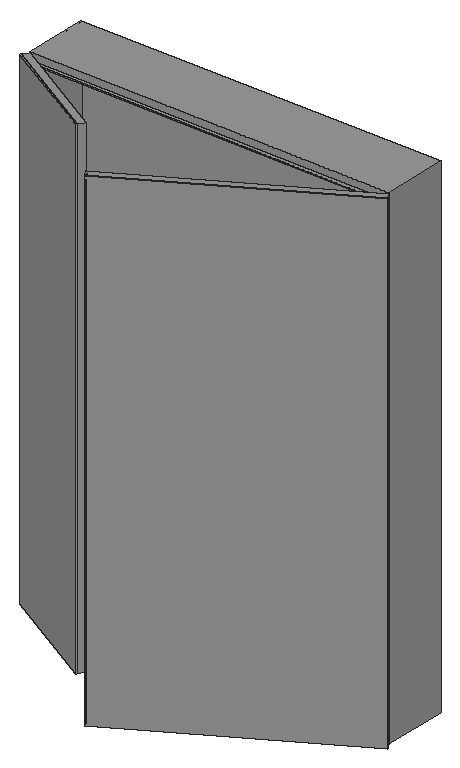
Revit family "Hager-Univers-IP44-D161-H1100-Cl.II-FWQ_encl-NoHosted-NL-en", category Equipement électrique, Revit 2020
Family settings
  Configuration du panneau = Deux colonnes, circuits au sein
  Cote de connecteur circulaire = Utiliser le diamètre
  Type d'élément = Tableau de raccordement
  Basée sur le plan de construction = Oui
  Toujours verticalement = Oui
  Couper avec des vides une fois chargée = Non
  Partagée = Non
  Point de calcul de pièce = Non
Parameters (values of type "Surface mounted (plaster) IP44 W800 H1100 D161  - FWQ73P")
  Width Control [instance] = if([EF000008 - Width] > Min Width, [EF000008 - Width], Min Width)  # 800 mm
  Commentaires du type = [HG000003 - Range]  # "Univers"
  Thickness Door [instance] = if([EF009171 - Material plate thickness door/cover] > 3 mm, 3 mm, [EF009171 - Material plate thickness door/cover])  # 2 mm
  Seal Frame Offset [instance] = 17 mm  # constant formula
  Plinth Visibility [instance] = [HG000027 - Plinth height] > 0 mm  # no
  Min Width [instance] = 100 mm  # constant formula
  Min Depth [instance] = (2 * [EF009170 - Material plate thickness cabinet]) + 1 mm  # 5 mm
  Min Height [instance] = 100 mm  # constant formula
  Internal Frame Depth [instance] = (Door System Depth * 0.5)  # 9 mm
  Panel Name [instance] = ""  # (empty or 0)
  Model = ""
  HG000027 - Plinth height = 0 mm
  HG000026 - Floor standing = no
  HG000024 - Bottom section height = 600 mm
  HG000023 - Double section enclosure = no
  HG000016 - Door 3d visibility [instance] = yes
  HG000015 - Clearance visibility [instance] = no
  HG000014 - Door on the right [instance] = yes
  HG000013 - Door on the left [instance] = not([HG000014 - Door on the right])  # no
  HG000012 - Door swing angle [instance] = 30.00°
  HG000010 - Asymmetric doors = yes
  HG000009 - Double swing door = yes
  HG000006 - Flush mounted = no
  HG000004 - Manufacturer reference = "FWQ73P"
  HG000003 - Range = "Univers"
  HG000002 - With door or cover = yes
  Frame Offset Bottom [instance] = 10 mm  # constant formula
  Frame Offset [instance] = 15 mm  # constant formula
  EF015940 - Cover with overpressure release = no
  EF011959 - Degree of protection (NEMA) = ""
  EF009554 - Number of openings for flange plates = 6
  EF009212 - Cover model = "EV009916 - With notch"
  EF009171 - Material plate thickness door/cover = 2 mm
  EF009170 - Material plate thickness cabinet = 2 mm
  EF008873 - Nominal current (In) = 125 A
  EF007800 - Suitable for lightning protection = no
  EF006306 - With lock = no
  EF006244 - Transparent cover/door = no
  EF005474 - Degree of protection (IP) = "EV006418 - IP44"
  EF004464 - Type of door = "EV002646 - Single"
  EF004427 - Number of modules = 252
  EF004293 - Impact strength = "EV006815 - IK09"
  EF003532 - Suitable for outdoor use = no
  EF002950 - Width in number of modular spacings = 12
  EF001613 - Circuit integrity = "EV000494 - None"
  EF001596 - Material housing = "EV000179 - Steel"
  EF001131 - Internal depth = 161 mm
  EF001088 - Extension possible = yes
  EF000437 - Number of conduit inlets = 12
  EF000339 - Type of cover = "EV001012 - Cover"
  EF000266 - Number of rows = 21
  EF000218 - Built-in depth = 0 mm
  EF000118 - With mounting plate = yes
  EF000116 - RAL-number = "9010"
  EF000049 - Depth = 161 mm
  EF000040 - Height = 1100 mm
  EF000008 - Width = 800 mm
  EF000007 - Colour = "EV000202 - White"
  EF000003 - Mounting method = "EV000384 - Surface mounted (plaster)"
  Door System Leaf Tolerance [instance] = 1.5 mm  # constant formula
  Door System Depth [instance] = 18 mm  # constant formula
  Door Height [instance] = Height Control - [HG000027 - Plinth height]  # 1100 mm
  Description = ""
  Default Elevation = 1219.2 mm
  Connector Offset [instance] = Height Control / 2  # 550 mm
  Fabricant = "Hager"  # constant formula
  Height Control [instance] = if([EF000040 - Height] > Min Height, [EF000040 - Height], Min Height)  # 1100 mm
  Depth Control [instance] = if([EF000049 - Depth] > Min Depth, [EF000049 - Depth], Min Depth)  # 161 mm
  Bottom Top Plate Trim [instance] = 1.5 mm  # constant formula
  Plinth height Ctrl [instance] = if([HG000027 - Plinth height] > 0 mm, [HG000027 - Plinth height], 12 mm)  # 12 mm
Types (4, lengths in mm): name | Width Control | HG000010 - Asymmetric doors | HG000009 - Double swing door | HG000004 - Manufacturer reference | EF009554 - Number of openings for flange plates | EF004427 - Number of modules | EF000437 - Number of conduit inlets | EF000266 - Number of rows | EF000008 - Width
  Surface mounted (plaster) IP44 W1050 H1100 D161  - FWQ74P | 1050 | no | yes | "FWQ74P" | 8 | 336 | 16 | 28 | 1050
  Surface mounted (plaster) IP44 W300 H1100 D161  - FWQ71P | 300 | no | no | "FWQ71P" | 2 | 84 | 4 | 1 | 300
  Surface mounted (plaster) IP44 W550 H1100 D161  - FWQ72P | 550 | no | no | "FWQ72P" | 4 | 168 | 8 | 14 | 550
  Surface mounted (plaster) IP44 W800 H1100 D161  - FWQ73P | 800 | yes | yes | "FWQ73P" | 6 | 252 | 12 | 21 | 800
Reference planes
  plane 1 "Center (Front/Back)": y = 0
  plane 2: z = 0
  plane 3 "Center (Left/Right)": x = 0
  plane 4: y = 0
  plane 5: y = 0
  plane 6: z = 0
  plane 7: x = -400
  plane 8: x = 400
  plane 9: x = 398
  plane 10: x = -398
  plane 11: z = 0
  plane 12: z = 2
  plane 13: y = -161
  plane 14: y = -2
  plane 15: x = 0
  plane 16: y = -143
  plane 17: y = -159
  plane 18: y = -141
  plane 19: x = -383
  plane 20: x = 383
  plane 21: z = 12
  plane 22: x = -383
  plane 23: x = 383
  plane 24: z = 0
  plane 25: z = 1100
  plane 26: z = 1100
  plane 27: z = 1083
  plane 28: z = 1098
Forms (mm)
  Extrusion 1, solid, material "Hager_Steel_RAL7035_Light_Grey", detail levels medium+fine
    sketch origin (-208.679, -4572, 0) x (-1, 0, 0) y (0, -1, 0)
      loop
        line (191.321, -4429) -> (-608.679, -4429) -> (-608.679, -4572) -> (191.321, -4572) -> (191.321, -4429)
    from 0 to 1100
  Extrusion 2, void
    sketch origin (-350.771, -161, 1219.2) x (1, 0, 0) y (0, 0, 1)
      loop
        line (-47.229, -121.2) -> (-47.229, -1217.2) -> (748.771, -1217.2) -> (748.771, -121.2) -> (-47.229, -121.2)
    from -20 to -159
  Extrusion 3, void
    sketch origin (-290.084, -143, 1219.2) x (1, 0, 0) y (0, 0, 1)
      loop
        line (-92.916, -1207.2) -> (673.084, -1207.2) -> (673.084, -136.2) -> (-92.916, -136.2) -> (-92.916, -1207.2)
    from 0 to -2
  Extrusion 4, solid, material "Hager_Steel_RAL7035_Light_Grey", visible <- "Plinth Visibility", detail levels medium+fine
    sketch origin (0, 0, 0) x (1, 0, 0) y (0, 1, 0)
      loop
        line (-400, 0) -> (-400, -143) -> (400, -143) -> (400, 0) -> (-400, 0)
    from 0 to 12 <- "Plinth height Ctrl"
  Extrusion 5, solid, material "Hager_Steel_RAL7035_Light_Grey", detail levels coarse
    sketch origin (0, 0, 0) x (1, 0, 0) y (0, 1, 0)
      loop
        line (-400, 0) -> (-400, -161) -> (400, -161) -> (400, 0) -> (-400, 0)
    from 0 to 1100 <- "Height Control"
  Sweep 6, void
    path in 3D
      loop
        line (-400, -143, 12) -> (400, -143, 12) -> (400, 0, 12) -> (-400, 0, 12) -> (-400, -143, 12)
    profile origin (-400, -71.5, 12) x (1, 0, 0) y (0, 0, 1)
      loop
        line (0, 0) -> (0, -1.5) -> (1.5, -1.5)
        arc (1.5, -1.5) -> (1.061, -0.439) -> (0, 0) r 1.5
  Extrusion 7, solid, material "Hager_Steel_RAL7035_Light_Grey", detail levels fine
    sketch origin (-400, -143, 0) x (1, 0, 0) y (0, 0, 1)
      loop
        line (17, 12) -> (783, 12) -> (783, 1083) -> (17, 1083) -> (17, 12)
      loop
        line (15, 10) -> (785, 10) -> (785, 1085) -> (15, 1085) -> (15, 10)
    from 0 to 9 <- "Internal Frame Depth"
Cuts and joins
  Extrusion 2, Extrusion 3 cuts Extrusion 1
  Sweep 6 cuts Extrusion 4
Lines and regions (mm)
  Masking region 1
    outline origin (0, 0, 0) x (1, 0, 0) y (0, 1, 0)
      loop
        line (-400, 0) -> (-400, -161) -> (400, -161) -> (400, 0) -> (-400, 0)
  Masking region 2, detail levels coarse
    outline origin (-290.084, -143, 1219.2) x (-1, 0, 0) y (0, 0, 1)
      loop
        line (-690.084, -1219.2) -> (109.916, -1219.2) -> (109.916, -119.2) -> (-690.084, -119.2) -> (-690.084, -1219.2)
  Masking region 3, detail levels coarse
    outline origin (0, 0, 0) x (0, 1, 0) y (0, 0, 1)
      loop
        line (0, 0) -> (0, 1100) -> (-161, 1100) -> (-161, 0) -> (0, 0)
  Masking region 4, visible <- "Plinth Visibility", detail levels medium+fine
    outline origin (0, 0, 0) x (0, 1, 0) y (0, 0, 1)
      loop
        line (-1.5, 12) -> (-141.5, 12)
        arc (-141.5, 12) -> (-141.939, 10.939) -> (-143, 10.5) r 1.5
        line (-143, 10.5) -> (-143, 0) -> (0, 0) -> (0, 10.5)
        arc (0, 10.5) -> (-1.061, 10.939) -> (-1.5, 12) r 1.5
  Masking region 5, detail levels medium+fine
    outline origin (0, 0, 594.038) x (0, 1, 0) y (0, 0, 1)
      loop
        line (0, -594.038) -> (0, 505.962) -> (-143, 505.962) -> (-143, -594.038) -> (0, -594.038)
  Masking region 6, detail levels medium+fine
    outline origin (-359.7, -143, 1211.883) x (-1, 0, 0) y (0, 0, 1)
      loop
        line (-759.7, -1211.883) -> (40.3, -1211.883) -> (40.3, -111.883) -> (-759.7, -111.883) -> (-759.7, -1211.883)
  Masking region 7, visible <- "Plinth Visibility", detail levels medium+fine
    outline origin (-320.334, -143, 1041.368) x (-1, 0, 0) y (0, 0, 1)
      loop
        line (-720.334, -1041.368) -> (79.666, -1041.368) -> (79.666, -1030.868)
        arc (79.666, -1030.868) -> (78.606, -1030.429) -> (78.166, -1029.368) r 1.5
        line (78.166, -1029.368) -> (-718.834, -1029.368)
        arc (-718.834, -1029.368) -> (-719.273, -1030.429) -> (-720.334, -1030.868) r 1.5
        line (-720.334, -1030.868) -> (-720.334, -1041.368)
  sketch lines
    curve 1: line (-400, 0, 12) -> (-400, -143, 12)
    curve 2: line (-400, -143, 12) -> (400, -143, 12)
    curve 3: line (400, 0, 12) -> (-400, 0, 12)
    curve 4: line (400, -143, 12) -> (400, 0, 12)
Dimensions and locks
  locked: plane 1 "Center (Front/Back)" to plane 5
  "EF009170 - Material plate thickness cabinet": plane 7 to plane 10
  "EF009170 - Material plate thickness cabinet": plane 8 to plane 9
  equal spacing: plane 7, plane 3 "Center (Left/Right)", plane 8
  "Width Control": plane 7 to plane 8
  "Depth Control": plane 4 to plane 13
  "EF009170 - Material plate thickness cabinet": plane 4 to plane 14
  "Height Control": plane 25 to level
  "HG000027 - Plinth height": plane 11 to level
  "EF009170 - Material plate thickness cabinet": plane 12 to plane 11
  "EF009170 - Material plate thickness cabinet": plane 17 to plane 13
  "EF009170 - Material plate thickness cabinet": plane 18 to plane 16
  "Frame Offset Bottom": plane 21 to plane 12
  "Frame Offset": plane 10 to plane 19
  "Frame Offset": plane 9 to plane 20
  "Door System Depth": plane 16 to plane 13
  "Seal Frame Offset": plane 7 to plane 22
  "Seal Frame Offset": plane 8 to plane 23
  "EF009170 - Material plate thickness cabinet": plane 26 to plane 28
  "Frame Offset": plane 28 to plane 27
  "Connector Offset": plane 2 to connector elem
  "Bottom Top Plate Trim": profile plane to Sweep 6 sketch curve
  "Bottom Top Plate Trim": Sweep 6 sketch curve to Sweep 6 sketch curve
  "Plinth height Ctrl": Masking region 4 sketch curve to level
  "Plinth height Ctrl": Masking region 7 sketch curve to level
  "Thickness Door": Extrusion 7 sketch curve to Extrusion 7 sketch curve  (x4)
  "Bottom Top Plate Trim": radius of Sweep 6 sketch curve
  "Bottom Top Plate Trim": radius of Masking region 4 sketch curve  (x2)
  "Bottom Top Plate Trim": radius of Masking region 7 sketch curve  (x2)
  aligned and locked: Extrusion 2 sketch curve to plane 12
  aligned and locked: Extrusion 2 sketch curve to plane 9
  aligned and locked: Extrusion 2 sketch curve to plane 10
  aligned and locked: Extrusion 2 to plane 14
  aligned and locked: Extrusion 1 sketch curve to plane 4
  aligned and locked: plane 8 to Extrusion 1 sketch curve
  aligned and locked: plane 7 to Extrusion 1 sketch curve
  aligned and locked: Extrusion 2 to plane 18
  aligned and locked: Extrusion 3 sketch curve to plane 19
  aligned and locked: plane 20 to Extrusion 3 sketch curve
  aligned and locked: Extrusion 3 to Extrusion 2
  aligned and locked: Extrusion 3 sketch curve to plane 21
  aligned and locked: plane 3 "Center (Left/Right)" to nested 1
  aligned and locked: Extrusion 1 sketch curve to plane 16
  aligned and locked: Extrusion 4 sketch curve to cut or joined group of Extrusion 1, Extrusion 2, Extrusion 3
  aligned and locked: Masking region 1 sketch curve to plane 7
  aligned and locked: Masking region 1 sketch curve to plane 5
  aligned and locked: Masking region 1 sketch curve to plane 8
  aligned and locked: Masking region 2 sketch curve to level
  aligned and locked: level to Masking region 3 sketch curve
  aligned and locked: plane 1 "Center (Front/Back)" to Masking region 3 sketch curve
  aligned and locked: plane 13 to Masking region 3 sketch curve
  aligned and locked: plane 5 to Masking region 4 sketch curve
  aligned and locked: Masking region 2 sketch curve to plane 8
  aligned and locked: Masking region 2 sketch curve to plane 7
  aligned and locked: plane 7 to nested 2
  aligned and locked: nested 2 to plane 5
  aligned and locked: plane 5 to Masking region 5 sketch curve
  aligned and locked: plane 26 to Masking region 5 sketch curve
  aligned and locked: Extrusion 5 sketch curve to plane 8
  aligned and locked: Extrusion 5 sketch curve to plane 7
  aligned and locked: Extrusion 5 sketch curve to plane 5
  aligned and locked: Extrusion 3 sketch curve to plane 27
  aligned and locked: Extrusion 2 sketch curve to plane 28
  aligned and locked: Masking region 2 to plane 25
  aligned and locked: Extrusion 4 to plane 16
  aligned and locked: profile plane to Sweep 6 sketch curve
  aligned and locked: Masking region 5 sketch curve to plane 24
  aligned and locked: level to Masking region 4 sketch curve
  aligned and locked: Masking region 1 to plane 13
  aligned and locked: nested 1 to plane 16
  aligned and locked: Masking region 3 to plane 25
  aligned and locked: plane 16 to Masking region 4 sketch curve
  aligned and locked: Masking region 5 sketch curve to plane 16
  aligned and locked: plane 24 to plane 11
  aligned and locked: plane 26 to plane 25
  aligned and locked: plane 26 to cut or joined group of Extrusion 1, Extrusion 2, Extrusion 3
  aligned and locked: nested 1 to plane 24
  aligned and locked: Extrusion 1 to Extrusion 3
  aligned and locked: Masking region 6 sketch curve to plane 8
  aligned and locked: Masking region 6 sketch curve to plane 24
  aligned and locked: Masking region 6 sketch curve to plane 7
  aligned and locked: Masking region 6 sketch curve to plane 26
  aligned and locked: Masking region 7 sketch curve to plane 7
  aligned and locked: level to Masking region 7 sketch curve
  aligned and locked: Masking region 7 sketch curve to plane 8
  aligned and locked: Extrusion 7 sketch curve to cut or joined group of Extrusion 1, Extrusion 2, Extrusion 3  (x4)
Automatic sketch dimensions
  plane 19 to Extrusion 3 sketch curve = 0 mm
  Extrusion 3 sketch curve to plane 20 = 0 mm
  Extrusion 3 sketch curve to plane 21 = 0 mm
  Extrusion 4 sketch curve to plane 7 = 0 mm
  Extrusion 4 sketch curve to plane 8 = 0 mm
  Extrusion 4 sketch curve to plane 16 = 0 mm
  Masking region 1 sketch curve to plane 13 = 0 mm
  Masking region 2 sketch curve to plane 25 = 0 mm
  Masking region 3 sketch curve to plane 25 = 0 mm
  Extrusion 5 sketch curve to plane 13 = 0 mm
  profile plane to Sweep 6 sketch curve = 0 mm
Nested families
  nested 1: "EC000058_Univers_Door" at (0, -143, 0), Double <- "HG000009 - Double swing door", Transparent <- "EF006244 - Transparent cover/door", Angle <- "HG000012 - Door swing angle", Door_Right <- "HG000014 - Door on the right", Assymetrical <- "HG000010 - Asymmetric doors", Door <- "HG000002 - With door or cover", Width_Ctrl <- "Width Control", 3d_Door <- "HG000016 - Door 3d visibility", Clearance <- "HG000015 - Clearance visibility", Door_Left <- "HG000013 - Door on the left", Width <- "Width Control", Door_Depth <- "Door System Depth", Leaf_Tolerance <- "Door System Leaf Tolerance", Height <- "Door Height", Lock_Visibility <- "EF006306 - With lock", Thickness <- "Thickness Door", type "EC000058_Univers_Door", detail levels medium+fine
    with min_wh 5 mm, Width_Ctrl 800 mm, Width 800 mm, Transparent no, Thickness 2 mm, Seal_Material Hager_Rubber, Lock_Visibility no, Lock_Material Hager_Plastic_RAL9005_Jet_Black, Leaf_Width 800 mm, Leaf_Tolerance_External_Sides 0 mm, Leaf_Tolerance 1.5 mm, Leaf_Offset 0 mm, Leaf_Height 1097 mm, Leaf_2_Width 532.583 mm, Leaf_2_Offset 266.292 mm, Leaf_1_Width 265.917 mm, Leaf_1_Offset 132.958 mm, Height_Ctrl 1100 mm, Height 1100 mm, Glass_Material Hager_Glass, Double_Clearance_Ctrl no, Double yes, Door_Right_Ctrl yes, Door_Right yes, Door_Material Hager_Steel_RAL7035_Light_Grey, Door_Left_Ctrl yes, Door_Left no, Door_Depth 18 mm, Door yes, Clearance_Material Hager_Clearance, Clearance_Depth 532.583 mm, Clearance_Ctrl no, Clearance no, Assymetrical yes, Angle 30.00°, 3d_Door yes
  nested 2: "Hager_Enclosure_Symbol" at (-400, 0, 0), Height <- "Depth Control", Width <- "Width Control", type "Hager_Enclosure_Symbol"
    with Width_Ctrl 800 mm, Width 800 mm, Height_Ctrl 161 mm, Height 161 mm, A_Width_Int 10.566 mm, A_Width 126.788 mm, A_Height_Ctrl 140.875 mm, A_Height 140.875 mm
Connectors
  electrical at (0, 0, 550)
    settings: on plane 1 "Center (Front/Back)", index 1, voltage 0 V, apparent load 0 VA, apparent load phase1 0 VA, apparent load phase2 0 VA, apparent load phase3 0 VA, power factor 1, load classification "Other", number of poles 1, system type 30, power factor state 1, is connector primary yes, connector utility no, sub classification motor no, connector description ""
Definition of nested family "EC000058_Univers_Door"
  Parameters (values of type "EC000058_Univers_Door")
    min_wh [instance] = (2 * Thickness) + 1 mm  # 11 mm
    Width_Ctrl [instance] = 400 mm
    Width [instance] = 500 mm
    Transparent [instance] = yes
    Thickness [instance] = 5 mm
    Seal_Material [instance] = none
    Lock_Visibility [instance] = yes
    Lock_Material [instance] = none
    Leaf_Width [instance] = if((Width_Ctrl - 2 * Leaf_Tolerance_External_Sides) > 0 mm, (Width_Ctrl - 2 * Leaf_Tolerance_External_Sides), min_wh)  # 400 mm
    Leaf_Tolerance_External_Sides [instance] = 0 mm  # constant formula
    Leaf_Tolerance [instance] = 1.5 mm
    Leaf_Offset [instance] = 0 mm  # constant formula
    Leaf_Height [instance] = if((Height_Ctrl - 2 * Leaf_Tolerance) > 0 mm, (Height_Ctrl - 2 * Leaf_Tolerance), min_wh)  # 497 mm
    Leaf_2_Width [instance] = if(and(and(Double, Assymetrical), Door_Left), (Leaf_Width / 3) - (Leaf_Tolerance / 2), if(and(and(Double, Assymetrical), Door_Right), (Leaf_Width / 3) * 2 - (Leaf_Tolerance / 2), if(and(Double, not(Assymetrical)), (Leaf_Width / 2) - Leaf_Tolerance, Leaf_Width)))  # 400 mm
    Leaf_2_Offset [instance] = if(and(Double, Assymetrical), Leaf_2_Width / 2, if(and(Double, not(Assymetrical)), Leaf_Width / 4, Leaf_Width / 2))  # 200 mm
    Leaf_1_Width [instance] = if(and(and(Double, Assymetrical), Door_Right), (Leaf_Width / 3) - (Leaf_Tolerance / 2), if(and(and(Double, Assymetrical), Door_Left), (Width / 3) * 2 - (Leaf_Tolerance / 2), if(and(Double, not(Assymetrical)), (Leaf_Width / 2) - Leaf_Tolerance, Leaf_Width)))  # 400 mm
    Leaf_1_Offset [instance] = if(and(Double, Assymetrical), Leaf_1_Width / 2, if(and(Double, not(Assymetrical)), Leaf_Width / 4, Leaf_Width / 2))  # 200 mm
    Height_Ctrl [instance] = if(Height > min_wh, Height, min_wh)  # 500 mm
    Height [instance] = 500 mm
    Glass_Material [instance] = none
    Double_Clearance_Ctrl [instance] = and(Double, Clearance)  # no
    Double [instance] = no
    Door_Right_Ctrl [instance] = and(or(Door_Right, Double), Door)  # yes
    Door_Right [instance] = yes
    Door_Material [instance] = none
    Door_Left_Ctrl [instance] = and(or(Door_Left, Double), Door)  # no
    Door_Left [instance] = no
    Door_Depth [instance] = 30 mm
    Door [instance] = yes
    Default Elevation = 1219.2 mm
    Clearance_Material [instance] = none
    Clearance_Depth [instance] = if(Leaf_1_Width > Leaf_2_Width, Leaf_1_Width, Leaf_2_Width)  # 400 mm
    Clearance_Ctrl [instance] = and(not(Double), Clearance)  # yes
    Clearance [instance] = yes
    Assymetrical [instance] = yes
    Angle [instance] = 30.00°
    3d_Door [instance] = yes
  Reference planes
    plane 1 "Center (Front/Back)": y = 0
    plane 2 "Bottom": z = 0
    plane 3 "Center (Left/Right)": x = 0
    plane 4: z = 500
    plane 5: x = -200
    plane 6: x = 200
    plane 7: z = 500
    plane 8: x = -200
    plane 9: z = 0
    plane 10: x = 200
    plane 11: y = 0
    plane 12: z = 1.5
    plane 13: x = -600
    plane 14: y = -400
    plane 15: x = 600
    plane 16: x = 0
    plane 17: x = 0
    plane 18: x = -200
    plane 19: x = 200
    plane 20: z = 498.5
  Forms (mm)
    Extrusion 1, solid, material <- "Clearance_Material", visible <- "Double_Clearance_Ctrl"
      sketch origin (1200, 0, 0) x (1, 0, 0) y (0, 0, -1)
        loop
          line (-1800, -498.5) -> (-600, -498.5) -> (-600, 0) -> (-1800, 0) -> (-1800, -498.5)
      from 0 to -400
  Dimensions and locks
    equal spacing: plane 5, plane 3 "Center (Left/Right)", plane 6
    "Width_Ctrl": plane 5 to plane 6
    "Leaf_Offset": plane 5 to plane 8
    "Leaf_Offset": plane 6 to plane 10
    "Leaf_Offset": plane 9 to level
    "Leaf_Offset": plane 4 to plane 7
    "Height_Ctrl": plane 4 to level
    "Leaf_Tolerance": plane 12 to plane 9
    locked: plane 11 to plane 1 "Center (Front/Back)"
    "Leaf_1_Offset": plane 18 to plane 16
    "Leaf_2_Offset": plane 17 to plane 19
    "Leaf_1_Width": plane 13 to plane 8
    "Leaf_2_Width": plane 10 to plane 15
    "Clearance_Depth": plane 14 to plane 1 "Center (Front/Back)"
    "Leaf_Tolerance_External_Sides": plane 8 to plane 18
    "Leaf_Tolerance_External_Sides": plane 19 to plane 10
    "Leaf_Tolerance": plane 7 to plane 20
    aligned and locked: level to plane 2 "Bottom"
    aligned and locked: nested 1 to plane 16
    aligned and locked: nested 2 to plane 17
    aligned and locked: Extrusion 1 to plane 13
    aligned and locked: plane 15 to Extrusion 1
    aligned and locked: Extrusion 1 to plane 14
    aligned and locked: plane 12 to nested 1
    aligned and locked: nested 2 to plane 12
    aligned and locked: Extrusion 1 to plane 11
    aligned and locked: plane 20 to Extrusion 1
    aligned and locked: nested 2 to plane 11
    aligned and locked: nested 1 to plane 11
  Automatic sketch dimensions
    Extrusion 1 sketch curve to level = 0 mm
    plane 5 to Extrusion 1 sketch curve = 400 mm
    plane 6 to Extrusion 1 sketch curve = 400 mm
    Extrusion 1 sketch curve to plane 4 = 1.5 mm
  Nested families
    nested 1: "EC000058_Univers_Door_Leaf" at (0, 0, 1.5), Width <- "Leaf_1_Width", visible <- "Door_Left_Ctrl", Leaf_Height <- "Leaf_Height", Angle <- "Angle", 3d_Door <- "3d_Door", Transparent <- "Transparent", Clearance Material <- "Clearance_Material", Clearance <- "Clearance_Ctrl", Door_Material <- "Door_Material", Glass_Material <- "Glass_Material", Door_Depth <- "Door_Depth", Lock_Material <- "Lock_Material", Seal_Material <- "Seal_Material", Lock_Visibility <- "Lock_Visibility", Thickness <- "Thickness", type "EC000058_Univers_Door_Leaf"
      with Width 400 mm, Transparent_Glass_Offset 30 mm, Transparent_Ctrl yes, Transparent yes, Thickness 5 mm, Standard no, Seal_Material none, Seal_D2 8 mm, Seal_D1 1 mm, Offset_Internal_Frame 10 mm, Lock_Width 20 mm, Lock_Visibility_3d yes, Lock_Visibility yes, Lock_Thickness_3 3 mm, Lock_Thickness_2 1 mm, Lock_Thickness_1 3 mm, Lock_Radius_Offset_2 16 mm, Lock_Radius_Offset_1 15 mm, Lock_Radius_2 5 mm, Lock_Radius 6 mm, Lock_Offset 5 mm, Lock_Material none, Lock_Height 80 mm, Lock_Cover_Top_Offset_2d 17 mm, Lock_Cover_Height -65 mm, Leaf_Height 497 mm, Internal_Seal_Thickness 8 mm, Internal_Seal_Depth_2 4.5 mm, Internal_Frame_Depth 25 mm, Glass_Thickness -1 mm, Glass_Offset -2 mm, Glass_Material none, Door_Material none, Door_Depth 30 mm, Clearance Material none, Clearance yes, Angle_Ctrl 30.00°, Angle 30.00°, 3d_Door yes
    nested 2: "EC000058_Univers_Door_Leaf" at (0, 0, 1.5) x (-1, 0, 0) z (0, 0, 1), Width <- "Leaf_2_Width", visible <- "Door_Right_Ctrl", Leaf_Height <- "Leaf_Height", Angle <- "Angle", 3d_Door <- "3d_Door", Transparent <- "Transparent", Clearance Material <- "Clearance_Material", Clearance <- "Clearance_Ctrl", Door_Material <- "Door_Material", Glass_Material <- "Glass_Material", Door_Depth <- "Door_Depth", Lock_Material <- "Lock_Material", Seal_Material <- "Seal_Material", Lock_Visibility <- "Lock_Visibility", Thickness <- "Thickness", type "EC000058_Univers_Door_Leaf"
      with Width 400 mm, Transparent_Glass_Offset 30 mm, Transparent_Ctrl yes, Transparent yes, Thickness 5 mm, Standard no, Seal_Material none, Seal_D2 8 mm, Seal_D1 1 mm, Offset_Internal_Frame 10 mm, Lock_Width 20 mm, Lock_Visibility_3d yes, Lock_Visibility yes, Lock_Thickness_3 3 mm, Lock_Thickness_2 1 mm, Lock_Thickness_1 3 mm, Lock_Radius_Offset_2 16 mm, Lock_Radius_Offset_1 15 mm, Lock_Radius_2 5 mm, Lock_Radius 6 mm, Lock_Offset 5 mm, Lock_Material none, Lock_Height 80 mm, Lock_Cover_Top_Offset_2d 17 mm, Lock_Cover_Height -65 mm, Leaf_Height 497 mm, Internal_Seal_Thickness 8 mm, Internal_Seal_Depth_2 4.5 mm, Internal_Frame_Depth 25 mm, Glass_Thickness -1 mm, Glass_Offset -2 mm, Glass_Material none, Door_Material none, Door_Depth 30 mm, Clearance Material none, Clearance yes, Angle_Ctrl 30.00°, Angle 30.00°, 3d_Door yes
  Definition of nested family "EC000058_Univers_Door_Leaf"
    Parameters (values of type "EC000058_Univers_Door_Leaf")
      Width [instance] = 2000 mm
      Transparent_Glass_Offset [instance] = 30 mm
      Transparent_Ctrl [instance] = and(Transparent, [3d_Door])  # yes
      Transparent [instance] = yes
      Thickness [instance] = 5 mm
      Standard [instance] = and(not(Transparent), [3d_Door])  # no
      Seal_Material [instance] = none
      Seal_D2 [instance] = 8 mm  # constant formula
      Seal_D1 [instance] = 1 mm  # constant formula
      Offset_Internal_Frame [instance] = 10 mm  # constant formula
      Lock_Width [instance] = 20 mm  # constant formula
      Lock_Visibility_3d [instance] = and(Lock_Visibility, [3d_Door])  # yes
      Lock_Visibility [instance] = yes
      Lock_Thickness_3 [instance] = 3 mm  # constant formula
      Lock_Thickness_2 [instance] = 1 mm  # constant formula
      Lock_Thickness_1 [instance] = 3 mm  # constant formula
      Lock_Radius_Offset_2 [instance] = Lock_Radius_Offset_1 + 1 mm  # 16 mm
      Lock_Radius_Offset_1 [instance] = 15 mm  # constant formula
      Lock_Radius_2 [instance] = Lock_Radius - 1 mm  # 5 mm
      Lock_Radius [instance] = 6 mm  # constant formula
      Lock_Offset [instance] = 5 mm  # constant formula
      Lock_Material [instance] = none
      Lock_Height [instance] = 80 mm  # constant formula
      Lock_Cover_Top_Offset_2d [instance] = Lock_Radius_Offset_2 + 1 mm  # 17 mm
      Lock_Cover_Height [instance] = -(Lock_Height - Lock_Radius_Offset_1)  # -65 mm
      Leaf_Height [instance] = 2720.336 mm
      Internal_Seal_Thickness [instance] = 8 mm  # constant formula
      Internal_Seal_Depth_2 [instance] = 4.5 mm  # constant formula
      Internal_Frame_Depth [instance] = if(Door_Depth - Thickness > 5 mm, Door_Depth - Thickness, 5 mm)  # 25 mm
      Glass_Thickness [instance] = if(Thickness > 15 mm, Glass_Offset + 10 mm, -1 mm)  # -1 mm
      Glass_Offset [instance] = if(Thickness > 15 mm, -(Thickness + 10 mm) / 2, -2 mm)  # -2 mm
      Glass_Material [instance] = none
      Door_Material [instance] = none
      Door_Depth [instance] = 30 mm
      Default Elevation = 0 mm
      Clearance Material [instance] = none
      Clearance [instance] = yes
      Angle_Ctrl [instance] = if(Angle > 180.00°, 180.00°, Angle)  # 90.00°
      Angle [instance] = 90.00°
      3d_Door [instance] = yes
    Reference planes
      plane 1 "Center (Front/Back)": y = 0
      plane 2: z = 0
      plane 3 "Center (Left/Right)": x = 0
      plane 4: y = 2000
      plane 5: x = -1000
      plane 6: x = 1000
      plane 7: x = -3000
      plane 8: z = 2720.336
      plane 9: z = 30
      plane 10: z = 2690.336
      plane 11: x = 970
      plane 12: x = -970
      plane 13: y = -3
      plane 14: z = 107.833
      plane 15: y = -5
      plane 16: y = -223.314
      plane 17: x = -1000
      plane 18: z = 1360.168
      plane 19: y = 30
    Forms (mm)
      Extrusion 1, solid, material <- "Clearance Material", visible <- "Clearance"
        sketch origin (0, 0, 0) x (1, 0, 0) y (0, 0, 1)
          loop
            line (-3000, 2720.336) -> (-3000, 0) -> (1000, 0) -> (1000, 2720.336) -> (-3000, 2720.336)
        from 0 to -2000
      Extrusion 2, solid, material <- "Door_Material", visible <- "Standard", detail levels medium+fine
        sketch origin (-1000, 0, 0) x (0, 1, 0) y (-1, 0, 0)
          loop
            line (0, 30) -> (0, 25) -> (2000, 25) -> (2000, 30) -> (0, 30)
        from 0 to 2720.336 <- "Leaf_Height"
      Extrusion 3, solid, material <- "Door_Material", visible <- "Transparent_Ctrl", detail levels medium+fine
        sketch origin (-1000, 0, 0) x (0, 1, 0) y (-1, 0, 0)
          loop
            line (0, 25) -> (2000, 25) -> (2000, 30) -> (0, 30) -> (0, 25)
        from 0 to 2720.336 <- "Leaf_Height"
      Extrusion 4, void
        sketch origin (-1025, 2000, 0) x (0, 1, 0) y (0, 0, -1)
          loop
            line (-30, -2690.336) -> (-30, -30) -> (-1970, -30) -> (-1970, -2690.336) -> (-30, -2690.336)
        from 0 to 5 <- "Thickness"
      Sweep 5, solid, material <- "Seal_Material", visible <- "Transparent_Ctrl", detail levels fine
        path in 3D
          loop
            line (-1025, 30, 30) -> (-1025, 30, 2690.336) -> (-1025, 1970, 2690.336) -> (-1025, 1970, 30) -> (-1025, 30, 30)
        profile origin (-1025, 1000, 30) x (1, 0, 0) y (0, 0, 1)
          loop
            line (0, 0) -> (0, -8) -> (1, -8) -> (1, 0) -> (0, 0)
      Extrusion 6, solid, material <- "Glass_Material", visible <- "Transparent_Ctrl", detail levels medium+fine
        sketch origin (-1030, 0, 0) x (0, 1, 0) y (0, 0, -1)
          loop
            line (1970, -2690.336) -> (1970, -30) -> (30, -30) -> (30, -2690.336) -> (1970, -2690.336)
        from -2 <- "Glass_Offset" to -1 <- "Glass_Thickness"
      Extrusion 7, solid, material <- "Door_Material", visible <- "3d_Door", detail levels medium+fine
        sketch origin (-1025, 2000, 0) x (0, -1, 0) y (0, 0, -1)
          loop
            line (0, -2720.336) -> (2000, -2720.336) -> (2000, 0) -> (0, 0) -> (0, -2720.336)
          loop
            line (1995, -5) -> (5, -5) -> (5, -2715.336) -> (1995, -2715.336) -> (1995, -5)
        from 0 to 25 <- "Internal_Frame_Depth"
      Sweep 8, solid, material <- "Seal_Material", visible <- "Transparent_Ctrl", detail levels fine
        path in 3D
          loop
            line (-1025, 0, 0) -> (-1025, 2000, 0) -> (-1025, 2000, 2720.336) -> (-1025, 0, 2720.336) -> (-1025, 0, 0)
        profile origin (-1025, 0, 1360.168) x (1, 0, 0) y (0, 1, 0)
          loop
            line (0, 10) -> (2.975, 10)
            arc (2.975, 10) -> (4.053, 10.447) -> (4.5, 11.525) r 1.525
            line (4.5, 11.525) -> (4.5, 16.527)
            arc (4.5, 16.527) -> (4.069, 17.569) -> (3.027, 18) r 1.473
            line (3.027, 18) -> (0, 18) -> (0, 10)
      Extrusion 9, solid, material <- "Lock_Material", visible <- "Lock_Visibility_3d", detail levels fine
        sketch origin (-1030, 0, 0) x (0, 1, 0) y (0, 0, -1)
          loop
            arc (1993.5, -1400.168) -> (1994.561, -1399.729) -> (1995, -1398.668) r 1.5
            line (1995, -1398.668) -> (1995, -1320.168) -> (1975, -1320.168) -> (1975, -1398.668)
            arc (1975, -1398.668) -> (1975.439, -1399.729) -> (1976.5, -1400.168) r 1.5
            line (1976.5, -1400.168) -> (1993.5, -1400.168)
        from 3 <- "Lock_Thickness_1" to 0
      Blend 10, solid, material <- "Lock_Material", visible <- "Lock_Visibility_3d", detail levels fine
        base sketch origin (-1033, 0, 0) x (0, 1, 0) y (0, 0, -1)
          loop
            line (1975, -1320.168) -> (1975, -1398.668)
            arc (1975, -1398.668) -> (1975.439, -1399.729) -> (1976.5, -1400.168) r 1.5
            line (1976.5, -1400.168) -> (1993.5, -1400.168)
            arc (1993.5, -1400.168) -> (1994.561, -1399.729) -> (1995, -1398.668) r 1.5
            line (1995, -1398.668) -> (1995, -1320.168) -> (1975, -1320.168)
        top sketch origin (-1033, 0, 0) x (0, 1, 0) y (0, 0, -1)
          loop
            line (1976, -1320.168) -> (1976, -1398.668)
            arc (1976, -1398.668) -> (1976.146, -1399.022) -> (1976.5, -1399.168) r 0.5
            line (1976.5, -1399.168) -> (1993.5, -1399.168)
            arc (1993.5, -1399.168) -> (1993.854, -1399.022) -> (1994, -1398.668) r 0.5
            line (1994, -1398.668) -> (1994, -1320.168) -> (1976, -1320.168)
        from 0 to 1 <- "Lock_Thickness_2"
      Blend 11, solid, material <- "Lock_Material", visible <- "Lock_Visibility_3d", detail levels fine
        base sketch origin (-1034, 0, 0) x (0, 1, 0) y (0, 0, -1)
          loop
            line (1978, -1320.168) -> (1978, -1384.168)
            arc (1978, -1384.168) -> (1985, -1391.168) -> (1992, -1384.168) r 7
            line (1992, -1384.168) -> (1992, -1320.168) -> (1978, -1320.168)
        top sketch origin (-1034, 0, 0) x (0, 1, 0) y (0, 0, -1)
          loop
            line (1991, -1320.168) -> (1979, -1320.168) -> (1979, -1383.168)
            arc (1979, -1383.168) -> (1985, -1389.168) -> (1991, -1383.168) r 6
            line (1991, -1383.168) -> (1991, -1320.168)
        from 0 to 3 <- "Lock_Thickness_3"
      Extrusion 12, solid, material <- "Lock_Material", visible <- "Lock_Visibility_3d", detail levels fine
        sketch origin (-1030, 1975, 1320.168) x (1, 0, 0) y (0, -1, 0)
          loop
            line (-7, -19) -> (-7, -1) -> (0, -1) -> (0, 0) -> (-8, 0) -> (-8, -20) -> (0, -20) -> (0, -19) -> (-7, -19)
        from 0 to -65 <- "Lock_Cover_Height"
      Extrusion 13, void
        sketch origin (-1038, 1995, 1320.168) x (-1, 0, 0) y (0, 0, -1)
          loop
            line (-5, -65) -> (0, -65) -> (-5, -60) -> (-5, -65)
        from 0 to 20 <- "Lock_Width"
      Extrusion 14, void
        sketch origin (-1038, 1975, 1320.168) x (0, -1, 0) y (0, 0, -1)
          loop
            circle (-10, -15.995) r 6
          loop
            circle (-10, -15.995) r 5
        from 0 to 2
      Extrusion 15, solid, material <- "Lock_Material", visible <- "Lock_Visibility_3d", detail levels medium
        sketch origin (-1030, 0, 0) x (0, 1, 0) y (0, 0, -1)
          loop
            arc (1993.5, -1400.168) -> (1994.561, -1399.729) -> (1995, -1398.668) r 1.5
            line (1995, -1398.668) -> (1995, -1320.168) -> (1975, -1320.168) -> (1975, -1398.668)
            arc (1975, -1398.668) -> (1975.439, -1399.729) -> (1976.5, -1400.168) r 1.5
            line (1976.5, -1400.168) -> (1993.5, -1400.168)
        from 8 to 0
    Cuts and joins
      Extrusion 4 cuts Extrusion 3
      Extrusion 13, Extrusion 14 cuts Extrusion 9
      Extrusion 14 cuts Blend 11
      Extrusion 13, Extrusion 14 cuts Extrusion 12
      joined: Extrusion 9, Blend 10, Blend 11, Extrusion 12
      Extrusion 14 cuts Extrusion 15
    Lines and regions (mm)
      Masking region 1, visible <- "Lock_Visibility", detail levels fine
        outline origin (0, 0, 0) x (0, 1, 0) y (0, 0, 1)
          loop
            line (30, 1320.168) -> (33, 1320.168) -> (33, 1400.168) -> (30, 1400.168) -> (30, 1320.168)
      Masking region 2, visible <- "Lock_Visibility", detail levels fine
        outline origin (0, 3.143, 0) x (0, 1, 0) y (0, 0, 1)
          loop
            line (29.857, 1354.168) -> (30.857, 1354.168) -> (30.857, 1366.168) -> (29.857, 1366.168) -> (29.857, 1354.168)
      Masking region 3, detail levels medium+fine
        outline origin (0, 0, 0) x (0, 1, 0) y (0, 0, 1)
          loop
            line (0, 0) -> (30, 0) -> (30, 2720.336) -> (0, 2720.336) -> (0, 0)
      Masking region 4, detail levels medium+fine
        outline origin (0, 0, 0) x (1, 0, 0) y (0, 0, 1)
          loop
            line (-1000, 2720.336) -> (-1000, 0) -> (1000, 0) -> (1000, 2720.336) -> (-1000, 2720.336)
      Masking region 5, visible <- "Lock_Visibility", detail levels fine
        outline origin (-47.116, 0, 0) x (1, 0, 0) y (0, 0, 1)
          loop
            arc (1024.616, 1399.168) -> (1023.556, 1398.729) -> (1023.116, 1397.668) r 1.5
            line (1023.116, 1397.668) -> (1023.116, 1320.168) -> (1041.116, 1320.168) -> (1041.116, 1397.668)
            arc (1041.116, 1397.668) -> (1040.677, 1398.729) -> (1039.616, 1399.168) r 1.5
            line (1039.616, 1399.168) -> (1024.616, 1399.168)
      Masking region 6, visible <- "Lock_Visibility", detail levels medium+fine
        outline origin (-25, 0, 0) x (1, 0, 0) y (0, 0, 1)
          loop
            arc (1001.5, 1400.168) -> (1000.439, 1399.729) -> (1000, 1398.668) r 1.5
            line (1000, 1398.668) -> (1000, 1320.168) -> (1020, 1320.168) -> (1020, 1398.668)
            arc (1020, 1398.668) -> (1019.561, 1399.729) -> (1018.5, 1400.168) r 1.5
            line (1018.5, 1400.168) -> (1001.5, 1400.168)
      Masking region 7, visible <- "Lock_Visibility", detail levels fine
        outline origin (-73.735, 0, 0) x (1, 0, 0) y (0, 0, 1)
          loop
            line (1051.735, 1382.168) -> (1065.735, 1382.168) -> (1065.735, 1384.168)
            arc (1065.735, 1384.168) -> (1058.735, 1391.168) -> (1051.735, 1384.168) r 7
            line (1051.735, 1384.168) -> (1051.735, 1382.168)
      Masking region 8, visible <- "Lock_Visibility", detail levels fine
        outline origin (-73.735, 0, 0) x (1, 0, 0) y (0, 0, 1)
          loop
            line (1052.735, 1382.168) -> (1064.735, 1382.168) -> (1064.735, 1383.168)
            arc (1064.735, 1383.168) -> (1058.735, 1389.168) -> (1052.735, 1383.168) r 6
            line (1052.735, 1383.168) -> (1052.735, 1382.168)
      Masking region 9, visible <- "Lock_Visibility", detail levels fine
        outline origin (-25, 0, 0) x (1, 0, 0) y (0, 0, 1)
          loop
            line (1020, 1320.168) -> (1020, 1382.168) -> (1000, 1382.168) -> (1000, 1320.168) -> (1020, 1320.168)
      Masking region 10, detail levels medium+fine
        outline origin (0, 0, 0) x (1, 0, 0) y (0, 0, 1)
          loop
            circle (985, 1335.144) r 6
      Masking region 11, detail levels fine
        outline origin (0, 0, 0) x (1, 0, 0) y (0, 0, 1)
          loop
            circle (985, 1335.144) r 5
      Masking region 12, visible <- "Lock_Visibility", detail levels fine
        outline origin (0, 12.767, 0) x (0, 1, 0) y (0, 0, 1)
          loop
            line (20.233, 1320.168) -> (21.233, 1320.168) -> (21.233, 1399.168) -> (20.233, 1400.168) -> (20.233, 1320.168)
      Masking region 13, visible <- "Lock_Visibility", detail levels fine
        outline origin (0, 13.767, -10) x (0, 1, 0) y (0, 0, 1)
          loop
            line (20.233, 1330.168) -> (23.233, 1330.168) -> (23.233, 1399.168) -> (20.233, 1402.168) -> (20.233, 1330.168)
      Masking region 14, visible <- "Lock_Visibility", detail levels fine
        outline origin (0, 12.767, -10) x (0, 1, 0) y (0, 0, 1)
          loop
            line (20.233, 1330.168) -> (25.233, 1330.168) -> (25.233, 1399.305) -> (20.233, 1394.305) -> (20.233, 1330.168)
      Masking region 15, visible <- "Lock_Visibility", detail levels medium
        outline origin (0, 0, 0) x (0, 1, 0) y (0, 0, 1)
          loop
            line (30, 1320.168) -> (38, 1320.168) -> (38, 1400.168) -> (30, 1400.168) -> (30, 1320.168)
      Masking region 16, visible <- "Lock_Visibility", detail levels fine
        outline origin (-1000, 0, 0) x (0, 1, 0) y (-1, 0, 0)
          loop
            line (1975, 30) -> (1995, 30) -> (1995, 38) -> (1975, 38) -> (1975, 30)
          loop
            line (1979, 37) -> (1976, 37) -> (1976, 34) -> (1978, 34) -> (1979, 37)
          loop
            line (1994, 37) -> (1991, 37) -> (1992, 34) -> (1994, 34) -> (1994, 37)
      Masking region 17, visible <- "Lock_Visibility", detail levels medium
        outline origin (-1000, 0, 0) x (0, 1, 0) y (-1, 0, 0)
          loop
            line (1975, 30) -> (1995, 30) -> (1995, 38) -> (1975, 38) -> (1975, 30)
      symbolic lines
        curve 1: line (1000, 0, 0) -> (-3000, 0, 0)
        curve 2: arc (1000, 0, 0) -> (-1000, 2000, 0) -> (-3000, 0, 0) r 2000
        curve 4: line (-1030, 0, 0) -> (-1030, 2000, 0)
      reference lines
        curve 3: line (-1000, 0, 0) -> (-1000, 2000, 0)
      symbolic lines, detail levels medium+fine
        curve 5: line (-1030, 2000, 0) -> (-1025, 2000, 0)
        curve 7: line (-1025, 0, 0) -> (-1030, 0, 0)
        curve 8: line (-1025, 0, 0) -> (-1000, 0, 0)
        curve 9: line (-1000, 0, 0) -> (-1000, 2000, 0)
        curve 10: line (-1000, 2000, 0) -> (-1025, 2000, 0)
      symbolic lines, detail levels fine
        curve 6: line (-1025, 2000, 0) -> (-1025, 0, 0)
      sketch lines
        curve 11: line (-1025, 0, 2720.336) -> (-1025, 0, 0)
        curve 12: line (-1025, 2000, 0) -> (-1025, 0, 0)
        curve 13: line (-1025, 2000, 2720.336) -> (-1025, 2000, 0)
        curve 14: line (-1025, 0, 2720.336) -> (-1025, 2000, 2720.336)
        curve 15: line (-1025, 1970, 30) -> (-1025, 30, 30)
        curve 16: line (-1025, 30, 30) -> (-1025, 30, 2690.336)
        curve 17: line (-1025, 1970, 2690.336) -> (-1025, 1970, 30)
        curve 18: line (-1025, 30, 2690.336) -> (-1025, 1970, 2690.336)
      symbolic lines, visible <- "Transparent", detail levels medium+fine
        curve 19: line (-970, 0, 2690.336) -> (970, 0, 2690.336)
        curve 20: line (-970, 0, 30) -> (-970, 0, 2690.336)
        curve 21: line (970, 0, 30) -> (-970, 0, 30)
        curve 22: line (970, 0, 2690.336) -> (970, 0, 30)
    Dimensions and locks
      "Width": plane 1 "Center (Front/Back)" to plane 4
      equal spacing: plane 5, plane 3 "Center (Left/Right)", plane 6
      "Width": plane 5 to plane 6
      "Width": plane 7 to plane 5
      "Leaf_Height": plane 8 to level
      "Width": curve 5 to curve 3
      "Width": curve 3 to curve 3
      plane 8 to plane 10 = 30 mm
      plane 9 to level = 30 mm
      plane 12 to plane 5 = 30 mm
      plane 6 to plane 11 = 30 mm
      Extrusion 1 to Extrusion 4 sketch curve = 30 mm
      "Transparent_Glass_Offset": curve 3 to Extrusion 4 sketch curve
      "Transparent_Glass_Offset": Extrusion 4 sketch curve to cut or joined group of Extrusion 3, Extrusion 4  (x2)
      cut or joined group of Extrusion 3, Extrusion 4 to Extrusion 6 sketch curve = 30 mm
      "Transparent_Glass_Offset": cut or joined group of Extrusion 3, Extrusion 4 to Extrusion 4 sketch curve
      "Thickness": curve 6 to curve 4
      "Thickness": Extrusion 7 sketch curve to Extrusion 7 sketch curve  (x4)
      "Door_Depth": curve 4 to curve 3
      "Offset_Internal_Frame": profile plane to Sweep 8 sketch curve
      "Internal_Seal_Thickness": Sweep 8 sketch curve to Sweep 8 sketch curve
      "Internal_Seal_Depth_2": profile plane to Sweep 8 sketch curve
      "Seal_D1": profile plane to Sweep 5 sketch curve
      "Seal_D2": profile plane to Sweep 5 sketch curve
      "Thickness": Extrusion 2 sketch curve to Extrusion 2 sketch curve
      equal spacing: Extrusion 9 sketch curve, plane 18, Extrusion 9 sketch curve  (x2)
      equal spacing: Masking region 1 sketch curve, plane 18, Masking region 1 sketch curve
      "Lock_Height": Masking region 1 sketch curve to Masking region 1 sketch curve
      "Lock_Radius": Masking region 2 sketch curve to plane 18 to Masking region 2 sketch curve
      Masking region 2 sketch curve to Masking region 1 = 1 mm
      "Door_Depth": plane 19 to plane 1 "Center (Front/Back)"
      "Lock_Thickness_1": Masking region 1 sketch curve to plane 19
      "Lock_Width": Extrusion 9 sketch curve to Extrusion 9 sketch curve
      "Lock_Height": Extrusion 9 sketch curve to Extrusion 9 sketch curve
      "Lock_Offset": cut or joined group of Extrusion 3, Extrusion 4 to Extrusion 9 sketch curve
      equal spacing: plane 8, plane 18, level
      "Lock_Radius_Offset_1": Blend 11 sketch curve to Blend 10
      locked: Blend 10 to Blend 11 sketch curve at 2  (x2)
      locked: var sketch to Blend 11 sketch curve at 1  (x2)
      "Lock_Radius_Offset_2": Blend 11 sketch curve to Blend 10
      locked: Extrusion 12 sketch curve to Extrusion 12 sketch curve at 1  (x3)
      Masking region 6 sketch curve to Masking region 6 sketch curve = 80 mm
      "Lock_Height": Masking region 6 sketch curve to Masking region 6 sketch curve
      "Lock_Width": Masking region 6 sketch curve to Masking region 6 sketch curve
      locked: Masking region 6 to Masking region 5 sketch curve at 1  (x3)
      locked: Masking region 5 to Masking region 7 sketch curve at 2  (x2)
      "Lock_Radius_Offset_1": Masking region 5 to Masking region 7 sketch curve
      "Lock_Radius_Offset_2": Masking region 5 to Masking region 8 sketch curve
      locked: Masking region 7 to Masking region 8 sketch curve at 1  (x2)
      "Lock_Cover_Top_Offset_2d": Masking region 5 to Masking region 9 sketch curve
      equal spacing: Masking region 9, Masking region 10 sketch curve, Masking region 9
      equal spacing: Masking region 9, Masking region 11 sketch curve, Masking region 9
      Extrusion 15 sketch curve to Extrusion 15 sketch curve = 80 mm
      "Lock_Width": Extrusion 15 sketch curve to Extrusion 15 sketch curve
      "Lock_Height": Extrusion 15 sketch curve to Extrusion 15 sketch curve
      equal spacing: Extrusion 15 sketch curve, plane 18, Extrusion 15 sketch curve
      "Lock_Thickness_3": Masking region 13 sketch curve to Masking region 13 sketch curve
      "Lock_Height": Masking region 12 sketch curve to Masking region 12 sketch curve
      locked: Masking region 13 sketch curve to Masking region 1 at 8
      locked: Masking region 14 sketch curve to Masking region 13 at 1
      locked: Masking region 14 sketch curve to Masking region 1 at 10.863
      "Lock_Height": Masking region 15 sketch curve to Masking region 15 sketch curve
      "Lock_Offset": Extrusion 15 sketch curve to cut or joined group of Extrusion 3, Extrusion 4
      "Lock_Offset": plane 6 to Masking region 6 sketch curve
      radius of Sweep 8 sketch curve = 1.525 mm
      radius of Sweep 8 sketch curve = 1.473 mm
      radius of Extrusion 9 sketch curve = 1.5 mm  (x2)
      "Lock_Radius": radius of Extrusion 14 sketch curve
      "Lock_Radius_2": radius of Extrusion 14 sketch curve
      "Lock_Radius": radius of Masking region 10 sketch curve
      "Lock_Radius_2": radius of Masking region 11 sketch curve
      radius of Extrusion 15 sketch curve = 1.5 mm  (x2)
      "Angle_Ctrl": angle plane 1 "Center (Front/Back)" to curve 3
      locked: Masking region 12 sketch curve to Masking region 12 sketch curve (angle 45.00°)
      locked: Masking region 13 sketch curve to Masking region 13 sketch curve (angle 45.00°)
      locked: Masking region 14 sketch curve to Masking region 14 sketch curve (angle 45.00°)
      aligned and locked: level to plane 2
      aligned and locked: Extrusion 1 to curve 1
      aligned and locked: plane 6 to Extrusion 1
      aligned and locked: Extrusion 1 to plane 1 "Center (Front/Back)"
      aligned and locked: plane 4 to Extrusion 1
      aligned and locked: plane 8 to Extrusion 1
      aligned and locked: curve 7 to Extrusion 2 sketch curve
      aligned and locked: curve 5 to Extrusion 2 sketch curve
      aligned and locked: curve 7 to Extrusion 3 sketch curve
      aligned and locked: Extrusion 3 sketch curve to curve 4
      aligned and locked: Extrusion 3 sketch curve to curve 6
      aligned and locked: Extrusion 3 sketch curve to curve 5
      aligned and locked: curve 9 to curve 3
      aligned and locked: Extrusion 7 sketch curve to cut or joined group of Extrusion 3, Extrusion 4  (x4)
      aligned and locked: plane 17 to curve 3
      aligned and locked: plane 1 "Center (Front/Back)" to curve 3
      aligned and locked: plane 17 to plane 5
      aligned and locked: Sweep 8 sketch curve to profile plane
      aligned and locked: Sweep 5 sketch curve to profile plane  (x2)
      aligned and locked: Masking region 1 to Masking region 2 sketch curve
      aligned and locked: plane 19 to Masking region 1 sketch curve
      aligned and locked: plane 1 "Center (Front/Back)" to Masking region 3 sketch curve
      aligned and locked: plane 19 to Masking region 3 sketch curve
      aligned and locked: level to Masking region 3 sketch curve
      aligned and locked: Masking region 3 sketch curve to plane 8
      aligned and locked: plane 17 to Masking region 4 sketch curve
      aligned and locked: level to Masking region 4 sketch curve
      aligned and locked: Masking region 4 sketch curve to plane 8
      aligned and locked: plane 12 to curve 20
      aligned and locked: plane 10 to curve 19
      aligned and locked: plane 11 to curve 22
      aligned and locked: curve 21 to plane 9
      aligned and locked: Extrusion 2 sketch curve to cut or joined group of Extrusion 3, Extrusion 4
      aligned and locked: Blend 10 sketch curve to Extrusion 9  (x4)
      aligned and locked: Extrusion 9 to Blend 10 sketch curve
      aligned and locked: Blend 10 to Blend 11 sketch curve
      aligned and locked: Extrusion 12 sketch curve to Blend 11
      aligned and locked: Extrusion 12 sketch curve to Extrusion 9  (x4)
      aligned and locked: Masking region 5 sketch curve to Masking region 6
      aligned and locked: Masking region 9 sketch curve to Masking region 6  (x3)
      aligned and locked: Masking region 12 sketch curve to Masking region 1
      aligned and locked: Masking region 13 sketch curve to Masking region 1
      aligned and locked: Masking region 12 to Masking region 14
      aligned and locked: Masking region 14 sketch curve to Masking region 1
      aligned and locked: Masking region 15 sketch curve to Masking region 14
      aligned and locked: Masking region 13 sketch curve to Masking region 12
      aligned and locked: Masking region 16 sketch curve to cut or joined group of Extrusion 14, Extrusion 15  (x4)
      aligned and locked: Masking region 16 sketch curve to cut or joined group of Extrusion 9, Blend 10, Blend 11, Extrusion 12, Extrusion 13, Extrusion 14  (x6)
      aligned and locked: cut or joined group of Extrusion 9, Blend 10, Blend 11, Extrusion 12, Extrusion 13, Extrusion 14 to Masking region 16 sketch curve
      aligned and locked: Masking region 17 sketch curve to cut or joined group of Extrusion 14, Extrusion 15  (x3)
      aligned and locked: Masking region 17 sketch curve to cut or joined group of Extrusion 9, Blend 10, Blend 11, Extrusion 12, Extrusion 13, Extrusion 14
      aligned and locked: Masking region 9 to Masking region 8 sketch curve
      aligned and locked: Masking region 9 to Masking region 7 sketch curve
    Automatic sketch dimensions
      plane 1 "Center (Front/Back)" to curve 2 = 0 mm
      curve 2 to plane 5 = 0 mm
      Extrusion 1 sketch curve to level = 0 mm
      Extrusion 1 sketch curve to plane 7 = 0 mm
      Extrusion 1 sketch curve to plane 6 = 0 mm
      Extrusion 1 sketch curve to plane 8 = 0 mm
      Extrusion 3 to Extrusion 6 sketch curve = 30 mm  (x4)
      Masking region 4 sketch curve to plane 6 = 0 mm
      Blend 10 sketch curve to Extrusion 9 = 1.5 mm
      Blend 10 sketch curve to Extrusion 9 = 1 mm
      Extrusion 13 sketch curve to Extrusion 12 = 0 mm  (x2)
      Extrusion 12 to Extrusion 13 sketch curve = 3 mm
      Extrusion 13 sketch curve to Extrusion 12 = 5 mm
      Extrusion 14 sketch curve to Extrusion 14 sketch curve = 0 mm  (x2)
      Extrusion 14 sketch curve to Extrusion 12 = 10 mm
      Extrusion 14 sketch curve to Extrusion 12 = 15.995 mm
      Masking region 5 sketch curve to Masking region 5 sketch curve = 1.5 mm  (x2)
      Masking region 10 sketch curve to plane 18 = 25.024 mm
      Masking region 11 sketch curve to plane 18 = 25.024 mm
      plane 19 to Masking region 14 sketch curve = 3 mm
      Masking region 16 sketch curve to Masking region 16 sketch curve = 3 mm
      curve 4 to curve 3 = 0 mm
      Blend 10 to Blend 11 sketch curve = 0 mm
      Masking region 6 sketch curve to Masking region 6 sketch curve = 1.5 mm  (x2)
      Masking region 6 sketch curve to plane 18 = 40 mm
      plane 19 to Masking region 12 sketch curve = 3 mm
      Masking region 12 sketch curve to Masking region 12 sketch curve = 1 mm
      Masking region 15 sketch curve to plane 19 = 0 mm
      Masking region 15 sketch curve to plane 18 = 40 mm
      radius of Blend 10 sketch curve to Extrusion 9 = 1 mm
Definition of nested family "Hager_Enclosure_Symbol"
  Parameters (values of type "Hager_Enclosure_Symbol")
    Width_Ctrl [instance] = if(Width > 1 mm, Width, 1 mm)  # 102.27 mm
    Width [instance] = 102.27 mm
    Height_Ctrl [instance] = if(Height > 1 mm, Height, 1 mm)  # 66.5 mm
    A_Width_Int [instance] = if(A_Width / 12 > 2 mm, A_Width / 12, 2 mm)  # 4.364 mm
    A_Width [instance] = if(A_Height_Ctrl * 0.9 > 2 mm, A_Height_Ctrl * 0.9, 2 mm)  # 52.369 mm
    A_Height_Ctrl [instance] = if(A_Height > 2 mm, A_Height, 2 mm)  # 58.188 mm
    Height [instance] = 66.5 mm
    A_Height [instance] = Height - (Height / 8)  # 58.188 mm
  Reference planes
    plane 1 "Centre (avant/arrière)": y = 0
    plane 2: z = 0
    plane 3 "Centre (gauche/droite)": x = 0
    plane 4: x = 52.369
    plane 5: y = 33.042
    plane 6: y = 41.77
    plane 7: y = 66.5
    plane 8: x = 26.184
    plane 9: y = 37.406
    plane 10: x = 102.27
    plane 11: y = 66.5
    plane 12: y = 8.313
  Lines and regions (mm)
    Filled region 1, type "Solid_Black", in view "Niveau de réf."
      outline origin (0, 0, 0) x (1, 0, 0) y (0, 1, 0)
        loop
          line (52.369, 66.5) -> (33.188, 54.536) -> (45.365, 45.006) -> (52.369, 66.5)
    Filled region 2, type "Solid_Black", in view "Niveau de réf."
      outline origin (0, 0, 0) x (1, 0, 0) y (0, 1, 0)
        loop
          line (0, 0) -> (102.27, 0) -> (102.27, 66.5) -> (0, 0)
    detail lines, in view "Niveau de réf."
      curve 1: line (0, 8.313, 0) -> (26.184, 41.77, 0)
      curve 2: line (26.184, 41.77, 0) -> (26.184, 33.042, 0)
      curve 3: line (26.184, 33.042, 0) -> (52.369, 66.5, 0)
  Dimensions and locks
    "A_Width": plane 3 "Centre (gauche/droite)" to plane 4
    equal spacing: plane 3 "Centre (gauche/droite)", plane 8, plane 4
    equal spacing: plane 6, plane 9, plane 5
    equal spacing: curve 3, Filled region 1 sketch curve, Filled region 1 sketch curve
    "Height_Ctrl": plane 1 "Centre (avant/arrière)" to plane 11
    "A_Height_Ctrl": plane 11 to plane 12
    equal spacing: plane 11, plane 9, plane 12
    "A_Width_Int": plane 6 to plane 9
    "Width_Ctrl": plane 3 "Centre (gauche/droite)" to plane 10
    angle Filled region 1 sketch curve to curve 3 = 20.00°
    angle curve 3 to Filled region 1 sketch curve = 20.00°
    locked: curve 3 to Filled region 1 sketch curve (angle 90.00°)
    aligned and locked: plane 10 to Filled region 2
    aligned and locked: plane 11 to Filled region 2 sketch curve
    aligned and locked: plane 10 to Filled region 2 sketch curve
    aligned and locked: plane 3 "Centre (gauche/droite)" to curve 1
    aligned and locked: plane 12 to curve 1
    aligned and locked: plane 7 to plane 11
  Automatic sketch dimensions
    Filled region 1 sketch curve to plane 4 = 0 mm
    Filled region 1 sketch curve to plane 7 = 0 mm
    plane 1 "Centre (avant/arrière)" to Filled region 2 sketch curve = 0 mm
    Filled region 2 sketch curve to plane 3 "Centre (gauche/droite)" = 0 mm
    curve 2 to plane 6 = 0 mm
    curve 2 to plane 8 = 0 mm
    curve 3 to plane 4 = 0 mm
    curve 2 to plane 5 = 0 mm
    curve 3 to plane 7 = 0 mm
